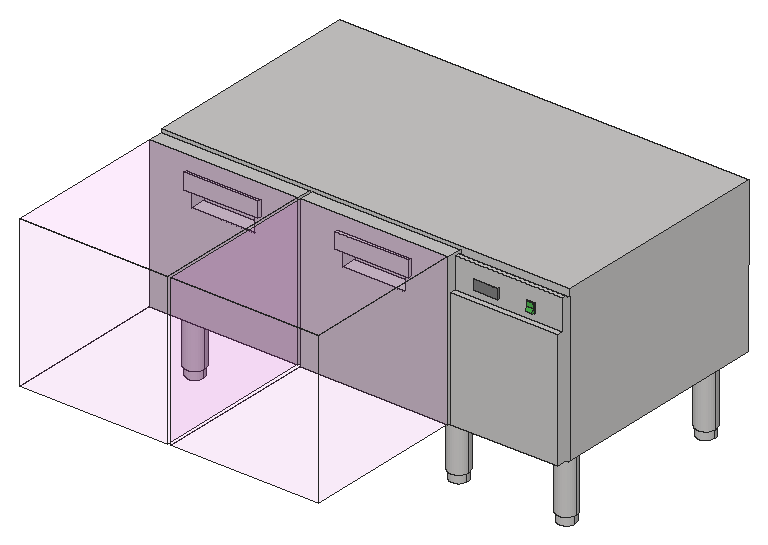
Revit family "QF_ELECTROLUXPROFESSIONAL_371290_E7TTAECOMIN", category Specialty Equipment, Revit 2018 (continued)
Lines and regions (mm)
  Split face 148
    outline origin (788.396, -348, 142.29) x (0, 0, -1) y (1, 0, 0)
      loop
        line (-116.984, -242.399) -> (-85.025, -242.399)
  Split face 149
    outline origin (800.396, -348, 142.29) x (0, 0, -1) y (1, 0, 0)
      loop
        arc (-85.025, -242.399) -> (-81.004, -238.41) -> (-85.004, -234.4) r 4
        line (-85.004, -234.4) -> (-117.004, -234.4)
        arc (-117.004, -234.4) -> (-121.004, -238.41) -> (-116.984, -242.399) r 4
        line (-116.984, -242.399) -> (-85.025, -242.399)
  Split face 150
    outline origin (812.396, -348, 142.29) x (0, 0, -1) y (1, 0, 0)
      loop
        arc (-85.025, -242.399) -> (-81.004, -238.41) -> (-85.004, -234.4) r 4
        line (-85.004, -234.4) -> (-117.004, -234.4)
        arc (-117.004, -234.4) -> (-121.004, -238.41) -> (-116.984, -242.399) r 4
        line (-116.984, -242.399) -> (-85.025, -242.399)
  Split face 151
    outline origin (589.5, -348, 142.29) x (0, 0, -1) y (1, 0, 0)
      loop
        arc (-85.025, -282.599) -> (-81.004, -278.61) -> (-85.004, -274.599) r 4
        line (-85.004, -274.599) -> (-117.004, -274.599)
        arc (-117.004, -274.599) -> (-121.004, -278.61) -> (-116.984, -282.599) r 4
        line (-116.984, -282.599) -> (-85.025, -282.599)
  Split face 152
    outline origin (709.396, -348, 412.291) x (0, 0, -1) y (1, 0, 0)
      loop
        arc (-85.025, -282.599) -> (-81.004, -278.61) -> (-85.004, -274.599) r 4
        line (-85.004, -274.599) -> (-117.004, -274.599)
        arc (-117.004, -274.599) -> (-121.004, -278.61) -> (-116.984, -282.599) r 4
        line (-116.984, -282.599) -> (-85.025, -282.599)
  Split face 153
    outline origin (721.397, -348, 412.291) x (0, 0, -1) y (1, 0, 0)
      loop
        arc (-85.025, -282.599) -> (-81.004, -278.61) -> (-85.004, -274.599) r 4
        line (-85.004, -274.599) -> (-117.004, -274.599)
        arc (-117.004, -274.599) -> (-121.004, -278.61) -> (-116.984, -282.599) r 4
        line (-116.984, -282.599) -> (-85.025, -282.599)
  Split face 154
    outline origin (733.396, -348, 412.291) x (0, 0, -1) y (1, 0, 0)
      loop
        arc (-85.025, -282.599) -> (-81.004, -278.61) -> (-85.004, -274.599) r 4
        line (-85.004, -274.599) -> (-117.004, -274.599)
        arc (-117.004, -274.599) -> (-121.004, -278.61) -> (-116.984, -282.599) r 4
        line (-116.984, -282.599) -> (-85.025, -282.599)
  Split face 155
    outline origin (709.396, -348, 367.29) x (0, 0, -1) y (1, 0, 0)
      loop
        arc (-85.025, -282.599) -> (-81.004, -278.61) -> (-85.004, -274.599) r 4
        line (-85.004, -274.599) -> (-117.004, -274.599)
        arc (-117.004, -274.599) -> (-121.004, -278.61) -> (-116.984, -282.599) r 4
        line (-116.984, -282.599) -> (-85.025, -282.599)
  Split face 156
    outline origin (721.397, -348, 367.29) x (0, 0, -1) y (1, 0, 0)
      loop
        arc (-85.025, -282.599) -> (-81.004, -278.61) -> (-85.004, -274.599) r 4
        line (-85.004, -274.599) -> (-117.004, -274.599)
        arc (-117.004, -274.599) -> (-121.004, -278.61) -> (-116.984, -282.599) r 4
        line (-116.984, -282.599) -> (-85.025, -282.599)
  Split face 157
    outline origin (733.396, -348, 367.29) x (0, 0, -1) y (1, 0, 0)
      loop
        arc (-85.025, -282.599) -> (-81.004, -278.61) -> (-85.004, -274.599) r 4
        line (-85.004, -274.599) -> (-117.004, -274.599)
        arc (-117.004, -274.599) -> (-121.004, -278.61) -> (-116.984, -282.599) r 4
        line (-116.984, -282.599) -> (-85.025, -282.599)
  Split face 158
    outline origin (709.396, -348, 322.29) x (0, 0, -1) y (1, 0, 0)
      loop
        arc (-85.025, -282.599) -> (-81.004, -278.61) -> (-85.004, -274.599) r 4
        line (-85.004, -274.599) -> (-117.004, -274.599)
        arc (-117.004, -274.599) -> (-121.004, -278.61) -> (-116.984, -282.599) r 4
        line (-116.984, -282.599) -> (-85.025, -282.599)
  Split face 159
    outline origin (721.397, -348, 322.29) x (0, 0, -1) y (1, 0, 0)
      loop
        arc (-85.025, -282.599) -> (-81.004, -278.61) -> (-85.004, -274.599) r 4
        line (-85.004, -274.599) -> (-117.004, -274.599)
        arc (-117.004, -274.599) -> (-121.004, -278.61) -> (-116.984, -282.599) r 4
        line (-116.984, -282.599) -> (-85.025, -282.599)
  Split face 160
    outline origin (733.396, -348, 322.29) x (0, 0, -1) y (1, 0, 0)
      loop
        arc (-85.025, -282.599) -> (-81.004, -278.61) -> (-85.004, -274.599) r 4
        line (-85.004, -274.599) -> (-117.004, -274.599)
        arc (-117.004, -274.599) -> (-121.004, -278.61) -> (-116.984, -282.599) r 4
        line (-116.984, -282.599) -> (-85.025, -282.599)
  Split face 161
    outline origin (709.396, -348, 277.29) x (0, 0, -1) y (1, 0, 0)
      loop
        arc (-85.025, -282.599) -> (-81.004, -278.61) -> (-85.004, -274.599) r 4
        line (-85.004, -274.599) -> (-117.004, -274.599)
        arc (-117.004, -274.599) -> (-121.004, -278.61) -> (-116.984, -282.599) r 4
        line (-116.984, -282.599) -> (-85.025, -282.599)
  Split face 162
    outline origin (721.397, -348, 277.29) x (0, 0, -1) y (1, 0, 0)
      loop
        arc (-85.025, -282.599) -> (-81.004, -278.61) -> (-85.004, -274.599) r 4
        line (-85.004, -274.599) -> (-117.004, -274.599)
        arc (-117.004, -274.599) -> (-121.004, -278.61) -> (-116.984, -282.599) r 4
        line (-116.984, -282.599) -> (-85.025, -282.599)
  Split face 163
    outline origin (733.396, -348, 277.29) x (0, 0, -1) y (1, 0, 0)
      loop
        arc (-85.025, -282.599) -> (-81.004, -278.61) -> (-85.004, -274.599) r 4
        line (-85.004, -274.599) -> (-117.004, -274.599)
        arc (-117.004, -274.599) -> (-121.004, -278.61) -> (-116.984, -282.599) r 4
        line (-116.984, -282.599) -> (-85.025, -282.599)
  Split face 164
    outline origin (709.396, -348, 232.29) x (0, 0, -1) y (1, 0, 0)
      loop
        arc (-85.025, -282.599) -> (-81.004, -278.61) -> (-85.004, -274.599) r 4
        line (-85.004, -274.599) -> (-117.004, -274.599)
        arc (-117.004, -274.599) -> (-121.004, -278.61) -> (-116.984, -282.599) r 4
        line (-116.984, -282.599) -> (-85.025, -282.599)
  Split face 165
    outline origin (721.397, -348, 232.29) x (0, 0, -1) y (1, 0, 0)
      loop
        arc (-85.025, -282.599) -> (-81.004, -278.61) -> (-85.004, -274.599) r 4
        line (-85.004, -274.599) -> (-117.004, -274.599)
        arc (-117.004, -274.599) -> (-121.004, -278.61) -> (-116.984, -282.599) r 4
        line (-116.984, -282.599) -> (-85.025, -282.599)
  Split face 166
    outline origin (733.396, -348, 232.29) x (0, 0, -1) y (1, 0, 0)
      loop
        arc (-85.025, -282.599) -> (-81.004, -278.61) -> (-85.004, -274.599) r 4
        line (-85.004, -274.599) -> (-117.004, -274.599)
        arc (-117.004, -274.599) -> (-121.004, -278.61) -> (-116.984, -282.599) r 4
        line (-116.984, -282.599) -> (-85.025, -282.599)
  Split face 167
    outline origin (709.396, -348, 187.29) x (0, 0, -1) y (1, 0, 0)
      loop
        arc (-85.025, -282.599) -> (-81.004, -278.61) -> (-85.004, -274.599) r 4
        line (-85.004, -274.599) -> (-117.004, -274.599)
        arc (-117.004, -274.599) -> (-121.004, -278.61) -> (-116.984, -282.599) r 4
        line (-116.984, -282.599) -> (-85.025, -282.599)
  Split face 168
    outline origin (721.397, -348, 187.29) x (0, 0, -1) y (1, 0, 0)
      loop
        arc (-85.025, -282.599) -> (-81.004, -278.61) -> (-85.004, -274.599) r 4
        line (-85.004, -274.599) -> (-117.004, -274.599)
        arc (-117.004, -274.599) -> (-121.004, -278.61) -> (-116.984, -282.599) r 4
        line (-116.984, -282.599) -> (-85.025, -282.599)
  Split face 169
    outline origin (733.396, -348, 187.29) x (0, 0, -1) y (1, 0, 0)
      loop
        arc (-85.025, -282.599) -> (-81.004, -278.61) -> (-85.004, -274.599) r 4
        line (-85.004, -274.599) -> (-117.004, -274.599)
        arc (-117.004, -274.599) -> (-121.004, -278.61) -> (-116.984, -282.599) r 4
        line (-116.984, -282.599) -> (-85.025, -282.599)
  Split face 170
    outline origin (709.396, -348, 142.29) x (0, 0, -1) y (1, 0, 0)
      loop
        arc (-85.025, -282.599) -> (-81.004, -278.61) -> (-85.004, -274.599) r 4
        line (-85.004, -274.599) -> (-117.004, -274.599)
        arc (-117.004, -274.599) -> (-121.004, -278.61) -> (-116.984, -282.599) r 4
        line (-116.984, -282.599) -> (-85.025, -282.599)
  Split face 171
    outline origin (721.397, -348, 142.29) x (0, 0, -1) y (1, 0, 0)
      loop
        arc (-85.025, -282.599) -> (-81.004, -278.61) -> (-85.004, -274.599) r 4
        line (-85.004, -274.599) -> (-117.004, -274.599)
        arc (-117.004, -274.599) -> (-121.004, -278.61) -> (-116.984, -282.599) r 4
        line (-116.984, -282.599) -> (-85.025, -282.599)
  Split face 172
    outline origin (733.396, -348, 142.29) x (0, 0, -1) y (1, 0, 0)
      loop
        arc (-85.025, -282.599) -> (-81.004, -278.61) -> (-85.004, -274.599) r 4
        line (-85.004, -274.599) -> (-117.004, -274.599)
        arc (-117.004, -274.599) -> (-121.004, -278.61) -> (-116.984, -282.599) r 4
        line (-116.984, -282.599) -> (-85.025, -282.599)
  symbolic lines, style "SpecialityEquipmentHiddenLines"
    curve 1: line (-599, 350, 0) -> (599, 350, 0)
    curve 2: line (-599, -348, 0) -> (-599, 350, 0)
    curve 3: line (599, -348, 0) -> (-599, -348, 0)
    curve 4: line (599, 350, 0) -> (599, -348, 0)
    curve 17: line (-599, -303, 0) -> (599, -303, 0)
  symbolic lines, style "QF_Door-Drawer Clearances"
    curve 5: line (-579, -348, 0) -> (-579, -473, 0)
    curve 6: line (-184.999, -473, 0) -> (-184.999, -348, 0)
    curve 7: line (-136.499, -348, 0) -> (-136.499, -473, 0)
    curve 8: line (257.502, -473, 0) -> (257.502, -348, 0)
    curve 9: line (-599, -473, 0) -> (-164.999, -473, 0)
    curve 10: line (-156.499, -473, 0) -> (277.502, -473, 0)
    curve 11: line (-599, -513, 0) -> (-164.999, -513, 0)
    curve 12: line (-156.499, -513, 0) -> (277.502, -513, 0)
    curve 13: line (-164.999, -513, 0) -> (-164.999, -473, 0)
    curve 14: line (-156.499, -473, 0) -> (-156.499, -513, 0)
    curve 15: line (-599, -473, 0) -> (-599, -513, 0)
    curve 16: line (277.502, -513, 0) -> (277.502, -473, 0)
Dimensions and locks
  plane 4 to level = 200 mm
  plane 5 "TOP" to level = 650 mm
  plane 5 "TOP" to plane 4 = 450 mm
  equal spacing: plane 8 "LEFT", plane 3 "Centro (Sinistra/Destra)", plane 9 "RIGHT"
  plane 8 "LEFT" to plane 9 "RIGHT" = 1200 mm
  equal spacing: plane 6 "BACK", plane 1 "Center X", plane 7 "FRONT"
  plane 6 "BACK" to plane 7 "FRONT" = 700 mm
  locked: plane 6 "BACK" to plane 10 at 653
  locked: plane 10 to plane 11 at 45
  locked: plane 8 "LEFT" to plane 12 at 55
  locked: plane 13 to plane 9 "RIGHT" at 55
  locked: plane 12 to plane 14 at 774
  locked: plane 6 "BACK" to plane 15 at 88
  locked: plane 16 to plane 11 at 99
  locked: plane 19 to plane 9 "RIGHT" at 1
  locked: plane 8 "LEFT" to plane 18 at 1
  plane 19 to plane 17 = 313 mm
  locked: plane 6 "BACK" to plane 20 at 160
  plane 21 to plane 9 "RIGHT" = 40 mm
  aligned and locked: level to plane 2
  aligned and locked: plane 12 to nested 1
  aligned and locked: nested 1 to plane 16
  aligned and locked: nested 2 to plane 15
  aligned and locked: plane 14 to nested 3
  aligned and locked: nested 4 to plane 14
  aligned and locked: plane 13 to nested 5
  aligned and locked: nested 6 to plane 13
  aligned and locked: Extrusion 1 sketch curve to plane 6 "BACK"
  aligned and locked: plane 10 to Extrusion 1 sketch curve
  aligned and locked: Extrusion 2 to plane 11
  aligned and locked: Extrusion 10 to plane 11
  aligned and locked: plane 19 to Extrusion 1
  aligned and locked: plane 4 to Extrusion 12
Automatic sketch dimensions
  Extrusion 2 sketch curve to plane 18 = 0 mm
  plane 12 to Extrusion 2 sketch curve = 69.7 mm
  Extrusion 2 sketch curve to Extrusion 2 sketch curve = 186.601 mm
  Extrusion 2 sketch curve to plane 5 "TOP" = 9.006 mm
  Extrusion 2 sketch curve to Extrusion 2 sketch curve = 123.7 mm
  Extrusion 2 sketch curve to plane 5 "TOP" = 65 mm
  Extrusion 2 sketch curve to Extrusion 2 sketch curve = 78.294 mm
  plane 4 to Extrusion 2 sketch curve = 1.587 mm
  Extrusion 2 to Extrusion 3 sketch curve = 0 mm
  Extrusion 3 sketch curve to Extrusion 2 = 0 mm  (x3)
  Extrusion 4 sketch curve to plane 4 = 0 mm
  Extrusion 4 sketch curve to plane 10 = 0 mm
  Extrusion 4 sketch curve to plane 10 = 5.442 mm
  plane 4 to Extrusion 4 sketch curve = 4.796 mm
  Extrusion 4 sketch curve to Extrusion 4 sketch curve = 9.721 mm
  Extrusion 4 sketch curve to plane 10 = 16.763 mm
  Extrusion 4 sketch curve to Extrusion 4 sketch curve = 11.336 mm
  plane 11 to Extrusion 4 sketch curve = 0 mm
  Extrusion 4 sketch curve to plane 5 "TOP" = 100.204 mm
  Extrusion 4 sketch curve to plane 5 "TOP" = 20.473 mm
  Extrusion 4 sketch curve to plane 5 "TOP" = 9.006 mm
  Extrusion 4 to Extrusion 5 sketch curve = 42.198 mm
  Extrusion 5 sketch curve to Extrusion 4 = 20 mm
  Extrusion 4 to Extrusion 5 sketch curve = 102.899 mm
  Extrusion 5 sketch curve to Extrusion 5 sketch curve = 22 mm
  Extrusion 4 to Extrusion 6 sketch curve = 42.198 mm
  Extrusion 6 sketch curve to Extrusion 4 = 20 mm
  Extrusion 4 to Extrusion 6 sketch curve = 54.901 mm
  Extrusion 6 sketch curve to Extrusion 6 sketch curve = 70 mm
  Split face 1 sketch curve to Extrusion 6 = 5 mm
  Split face 1 sketch curve to Extrusion 6 = 9 mm
  Split face 1 sketch curve to Extrusion 6 = 10 mm  (x2)
  Split face 2 sketch curve to Extrusion 6 = 12.5 mm
  Split face 2 sketch curve to Extrusion 6 = 7 mm
  Split face 3 sketch curve to Extrusion 6 = 7.5 mm
  Split face 3 sketch curve to Extrusion 6 = 7 mm
  Split face 4 sketch curve to Extrusion 6 = 11.5 mm
  Split face 4 sketch curve to Extrusion 6 = 7 mm
  Split face 5 sketch curve to Extrusion 6 = 7.5 mm
  Split face 5 sketch curve to Extrusion 6 = 7 mm
  Split face 6 sketch curve to Extrusion 6 = 12.5 mm
  Split face 6 sketch curve to Extrusion 6 = 7 mm
  Split face 7 sketch curve to Extrusion 6 = 11.5 mm
  Split face 7 sketch curve to Extrusion 6 = 7 mm
  Split face 8 sketch curve to Extrusion 6 = 7.047 mm
  Split face 8 sketch curve to Extrusion 6 = 2.047 mm
  Split face 8 sketch curve to Extrusion 6 = 10 mm
  Split face 8 sketch curve to Split face 8 sketch curve = 11 mm
  Split face 9 sketch curve to Extrusion 6 = 7.047 mm
  Split face 9 sketch curve to Extrusion 6 = 2.047 mm
  Split face 9 sketch curve to Extrusion 6 = 23 mm
  Split face 9 sketch curve to Split face 9 sketch curve = 11 mm
  Split face 10 sketch curve to Extrusion 6 = 7.047 mm
  Split face 10 sketch curve to Extrusion 6 = 2.047 mm
  Split face 10 sketch curve to Extrusion 6 = 34 mm
  Split face 10 sketch curve to Split face 10 sketch curve = 11 mm
  Split face 11 sketch curve to Extrusion 6 = 7.047 mm
  Split face 11 sketch curve to Extrusion 6 = 2.047 mm
  Split face 11 sketch curve to Extrusion 6 = 21 mm
  Split face 11 sketch curve to Extrusion 6 = 10 mm
  Extrusion 7 sketch curve to Extrusion 7 sketch curve = 0 mm  (x3)
  Extrusion 7 sketch curve to Extrusion 5 = 0 mm
  Extrusion 5 to Extrusion 7 sketch curve = 2.279 mm
  Extrusion 7 sketch curve to Extrusion 7 sketch curve = 0.116 mm
  Extrusion 7 sketch curve to Extrusion 7 sketch curve = 12.105 mm
  Extrusion 5 to Extrusion 7 sketch curve = 3.692 mm
  Extrusion 5 to Extrusion 7 sketch curve = 2.395 mm
  Split face 12 sketch curve to Extrusion 4 = 20.5 mm
  Split face 12 sketch curve to Split face 12 sketch curve = 0.02 mm  (x2)
  Split face 12 sketch curve to Split face 12 sketch curve = 31.959 mm
  Split face 12 sketch curve to Extrusion 4 = 32.901 mm
  Split face 12 sketch curve to Split face 12 sketch curve = 4 mm
  Split face 13 sketch curve to Extrusion 4 = 20.5 mm
  Split face 13 sketch curve to Split face 13 sketch curve = 0.02 mm  (x2)
  Split face 13 sketch curve to Split face 13 sketch curve = 31.959 mm
  Split face 13 sketch curve to Extrusion 4 = 44.9 mm
  Split face 13 sketch curve to Split face 13 sketch curve = 4 mm
  Split face 14 sketch curve to Extrusion 4 = 20.5 mm
  Split face 14 sketch curve to Split face 14 sketch curve = 0.02 mm  (x2)
  Split face 14 sketch curve to Split face 14 sketch curve = 31.959 mm
  Split face 14 sketch curve to Extrusion 4 = 56.9 mm
  Split face 14 sketch curve to Split face 14 sketch curve = 4 mm
  Split face 15 sketch curve to Extrusion 4 = 20.5 mm
  Split face 15 sketch curve to Split face 15 sketch curve = 0.02 mm  (x2)
  Split face 15 sketch curve to Split face 15 sketch curve = 31.959 mm
  Split face 15 sketch curve to Extrusion 4 = 68.797 mm
  Split face 15 sketch curve to Split face 15 sketch curve = 4 mm
  Split face 16 sketch curve to Extrusion 4 = 20.5 mm
  Split face 16 sketch curve to Split face 16 sketch curve = 0.02 mm  (x2)
  Split face 16 sketch curve to Split face 16 sketch curve = 31.959 mm
  Split face 16 sketch curve to Extrusion 4 = 80.797 mm
  Split face 16 sketch curve to Split face 16 sketch curve = 4 mm
  Split face 17 sketch curve to Extrusion 4 = 20.5 mm
  Split face 17 sketch curve to Split face 17 sketch curve = 0.02 mm  (x2)
  Split face 17 sketch curve to Split face 17 sketch curve = 31.959 mm
  Split face 17 sketch curve to Extrusion 4 = 92.797 mm
  Split face 17 sketch curve to Split face 17 sketch curve = 4 mm
  Split face 18 sketch curve to Extrusion 4 = 20.5 mm
  Split face 18 sketch curve to Split face 18 sketch curve = 0.02 mm  (x2)
  Split face 18 sketch curve to Split face 18 sketch curve = 31.959 mm
  Split face 18 sketch curve to Extrusion 4 = 104.797 mm
  Split face 18 sketch curve to Split face 18 sketch curve = 4 mm
  Split face 19 sketch curve to Extrusion 4 = 20.5 mm
  Split face 19 sketch curve to Split face 19 sketch curve = 0.02 mm  (x2)
  Split face 19 sketch curve to Split face 19 sketch curve = 31.959 mm
  Split face 19 sketch curve to Extrusion 4 = 116.797 mm
  Split face 19 sketch curve to Split face 19 sketch curve = 4 mm
  Split face 20 sketch curve to Extrusion 4 = 20.5 mm
  Split face 20 sketch curve to Split face 20 sketch curve = 0.02 mm  (x2)
  Split face 20 sketch curve to Split face 20 sketch curve = 31.959 mm
  Split face 20 sketch curve to Extrusion 4 = 128.797 mm
  Split face 20 sketch curve to Split face 20 sketch curve = 4 mm
  Split face 21 sketch curve to Extrusion 4 = 20.5 mm
  Split face 21 sketch curve to Split face 21 sketch curve = 0.02 mm  (x2)
  Split face 21 sketch curve to Split face 21 sketch curve = 31.959 mm
  Split face 21 sketch curve to Extrusion 4 = 137.003 mm
  Split face 21 sketch curve to Split face 21 sketch curve = 4 mm
  Split face 22 sketch curve to Extrusion 4 = 20.5 mm
  Split face 22 sketch curve to Split face 22 sketch curve = 0.02 mm  (x2)
  Split face 22 sketch curve to Split face 22 sketch curve = 31.959 mm
  Split face 22 sketch curve to Extrusion 4 = 125.004 mm
  Split face 22 sketch curve to Split face 22 sketch curve = 4 mm
  Split face 23 sketch curve to Extrusion 4 = 20.5 mm
  Split face 23 sketch curve to Split face 23 sketch curve = 0.02 mm  (x2)
  Split face 23 sketch curve to Split face 23 sketch curve = 31.959 mm
  Split face 23 sketch curve to Extrusion 4 = 113.003 mm
  Split face 23 sketch curve to Split face 23 sketch curve = 4 mm
  Split face 24 sketch curve to Extrusion 4 = 20.5 mm
  Split face 24 sketch curve to Split face 24 sketch curve = 0.02 mm  (x2)
  Split face 24 sketch curve to Split face 24 sketch curve = 31.959 mm
  Split face 24 sketch curve to Extrusion 4 = 101.003 mm
  Split face 24 sketch curve to Split face 24 sketch curve = 4 mm
  Split face 25 sketch curve to Extrusion 4 = 20.5 mm
  Split face 25 sketch curve to Split face 25 sketch curve = 0.02 mm  (x2)
  Split face 25 sketch curve to Split face 25 sketch curve = 31.959 mm
  Split face 25 sketch curve to Extrusion 4 = 89.003 mm
  Split face 25 sketch curve to Split face 25 sketch curve = 4 mm
  Split face 26 sketch curve to Extrusion 4 = 20.5 mm
  Split face 26 sketch curve to Split face 26 sketch curve = 0.02 mm  (x2)
  Split face 26 sketch curve to Split face 26 sketch curve = 31.959 mm
  Split face 26 sketch curve to Extrusion 4 = 77.004 mm
  Split face 26 sketch curve to Split face 26 sketch curve = 4 mm
  Split face 27 sketch curve to Extrusion 4 = 20.5 mm
  Split face 27 sketch curve to Split face 27 sketch curve = 0.02 mm  (x2)
  Split face 27 sketch curve to Split face 27 sketch curve = 31.959 mm
  Split face 27 sketch curve to Extrusion 4 = 65.003 mm
  Split face 27 sketch curve to Split face 27 sketch curve = 4 mm
  Split face 28 sketch curve to Extrusion 4 = 20.5 mm
  Split face 28 sketch curve to Split face 28 sketch curve = 0.02 mm  (x2)
  Split face 28 sketch curve to Split face 28 sketch curve = 31.959 mm
  Split face 28 sketch curve to Extrusion 4 = 53.004 mm
  Split face 28 sketch curve to Split face 28 sketch curve = 4 mm
  Split face 29 sketch curve to Extrusion 4 = 20.5 mm
  Split face 29 sketch curve to Split face 29 sketch curve = 0.02 mm  (x2)
  Split face 29 sketch curve to Split face 29 sketch curve = 31.959 mm
  Split face 29 sketch curve to Extrusion 4 = 41.004 mm
  Split face 29 sketch curve to Split face 29 sketch curve = 4 mm
  Split face 30 sketch curve to Extrusion 4 = 20.5 mm
  Split face 30 sketch curve to Split face 30 sketch curve = 0.02 mm  (x2)
  Split face 30 sketch curve to Split face 30 sketch curve = 31.959 mm
  Split face 30 sketch curve to Extrusion 4 = 29.004 mm
  Split face 30 sketch curve to Split face 30 sketch curve = 4 mm
  Split face 31 sketch curve to Extrusion 4 = 20.5 mm
  Split face 31 sketch curve to Split face 31 sketch curve = 0.02 mm  (x2)
  Split face 31 sketch curve to Split face 31 sketch curve = 31.959 mm
  Split face 31 sketch curve to Extrusion 4 = 20.901 mm
  Split face 31 sketch curve to Split face 31 sketch curve = 4 mm
  Split face 32 sketch curve to Extrusion 4 = 65.502 mm
  Split face 32 sketch curve to Split face 32 sketch curve = 0.02 mm  (x2)
  Split face 32 sketch curve to Split face 32 sketch curve = 31.959 mm
  Split face 32 sketch curve to Extrusion 4 = 32.901 mm
  Split face 32 sketch curve to Split face 32 sketch curve = 4 mm
  Split face 33 sketch curve to Extrusion 4 = 65.502 mm
  Split face 33 sketch curve to Split face 33 sketch curve = 0.02 mm  (x2)
  Split face 33 sketch curve to Split face 33 sketch curve = 31.959 mm
  Split face 33 sketch curve to Extrusion 4 = 44.9 mm
  Split face 33 sketch curve to Split face 33 sketch curve = 4 mm
  Split face 34 sketch curve to Extrusion 4 = 65.502 mm
  Split face 34 sketch curve to Split face 34 sketch curve = 0.02 mm  (x2)
  Split face 34 sketch curve to Split face 34 sketch curve = 31.959 mm
  Split face 34 sketch curve to Extrusion 4 = 56.9 mm
  Split face 34 sketch curve to Split face 34 sketch curve = 4 mm
  Split face 35 sketch curve to Extrusion 4 = 65.502 mm
  Split face 35 sketch curve to Split face 35 sketch curve = 0.02 mm  (x2)
  Split face 35 sketch curve to Split face 35 sketch curve = 31.959 mm
  Split face 35 sketch curve to Extrusion 4 = 68.797 mm
  Split face 35 sketch curve to Split face 35 sketch curve = 4 mm
  Split face 36 sketch curve to Extrusion 4 = 65.502 mm
  Split face 36 sketch curve to Split face 36 sketch curve = 0.02 mm  (x2)
  Split face 36 sketch curve to Split face 36 sketch curve = 31.959 mm
  Split face 36 sketch curve to Extrusion 4 = 80.797 mm
  Split face 36 sketch curve to Split face 36 sketch curve = 4 mm
  Split face 37 sketch curve to Extrusion 4 = 65.502 mm
  Split face 37 sketch curve to Split face 37 sketch curve = 0.02 mm  (x2)
  Split face 37 sketch curve to Split face 37 sketch curve = 31.959 mm
  Split face 37 sketch curve to Extrusion 4 = 92.797 mm
  Split face 37 sketch curve to Split face 37 sketch curve = 4 mm
  Split face 38 sketch curve to Extrusion 4 = 65.502 mm
  Split face 38 sketch curve to Split face 38 sketch curve = 0.02 mm  (x2)
  Split face 38 sketch curve to Split face 38 sketch curve = 31.959 mm
  Split face 38 sketch curve to Extrusion 4 = 104.797 mm
  Split face 38 sketch curve to Split face 38 sketch curve = 4 mm
  Split face 39 sketch curve to Extrusion 4 = 65.502 mm
  Split face 39 sketch curve to Split face 39 sketch curve = 0.02 mm  (x2)
  Split face 39 sketch curve to Split face 39 sketch curve = 31.959 mm
  Split face 39 sketch curve to Extrusion 4 = 116.797 mm
  Split face 39 sketch curve to Split face 39 sketch curve = 4 mm
  Split face 40 sketch curve to Extrusion 4 = 65.502 mm
  Split face 40 sketch curve to Split face 40 sketch curve = 0.02 mm  (x2)
  Split face 40 sketch curve to Split face 40 sketch curve = 31.959 mm
  Split face 40 sketch curve to Extrusion 4 = 128.797 mm
  Split face 40 sketch curve to Split face 40 sketch curve = 4 mm
  Split face 41 sketch curve to Extrusion 4 = 65.502 mm
  Split face 41 sketch curve to Split face 41 sketch curve = 0.02 mm  (x2)
  Split face 41 sketch curve to Split face 41 sketch curve = 31.959 mm
  Split face 41 sketch curve to Extrusion 4 = 137.003 mm
  Split face 41 sketch curve to Split face 41 sketch curve = 4 mm
  Split face 42 sketch curve to Extrusion 4 = 65.502 mm
  Split face 42 sketch curve to Split face 42 sketch curve = 0.02 mm  (x2)
  Split face 42 sketch curve to Split face 42 sketch curve = 31.959 mm
  Split face 42 sketch curve to Extrusion 4 = 125.004 mm
  Split face 42 sketch curve to Split face 42 sketch curve = 4 mm
  Split face 43 sketch curve to Extrusion 4 = 65.502 mm
  Split face 43 sketch curve to Split face 43 sketch curve = 0.02 mm  (x2)
  Split face 43 sketch curve to Split face 43 sketch curve = 31.959 mm
  Split face 43 sketch curve to Extrusion 4 = 113.003 mm
  Split face 43 sketch curve to Split face 43 sketch curve = 4 mm
  Split face 44 sketch curve to Extrusion 4 = 65.502 mm
  Split face 44 sketch curve to Split face 44 sketch curve = 0.02 mm  (x2)
  Split face 44 sketch curve to Split face 44 sketch curve = 31.959 mm
  Split face 44 sketch curve to Extrusion 4 = 101.003 mm
  Split face 44 sketch curve to Split face 44 sketch curve = 4 mm
  Split face 45 sketch curve to Extrusion 4 = 65.502 mm
  Split face 45 sketch curve to Split face 45 sketch curve = 0.02 mm  (x2)
  Split face 45 sketch curve to Split face 45 sketch curve = 31.959 mm
  Split face 45 sketch curve to Extrusion 4 = 89.003 mm
  Split face 45 sketch curve to Split face 45 sketch curve = 4 mm
  Split face 46 sketch curve to Extrusion 4 = 65.502 mm
  Split face 46 sketch curve to Split face 46 sketch curve = 0.02 mm  (x2)
  Split face 46 sketch curve to Split face 46 sketch curve = 31.959 mm
  Split face 46 sketch curve to Extrusion 4 = 77.004 mm
  Split face 46 sketch curve to Split face 46 sketch curve = 4 mm
  Split face 47 sketch curve to Extrusion 4 = 65.502 mm
  Split face 47 sketch curve to Split face 47 sketch curve = 0.02 mm  (x2)
  Split face 47 sketch curve to Split face 47 sketch curve = 31.959 mm
  Split face 47 sketch curve to Extrusion 4 = 65.003 mm
  Split face 47 sketch curve to Split face 47 sketch curve = 4 mm
  Split face 48 sketch curve to Extrusion 4 = 65.502 mm
  Split face 48 sketch curve to Split face 48 sketch curve = 0.02 mm  (x2)
  Split face 48 sketch curve to Split face 48 sketch curve = 31.959 mm
  Split face 48 sketch curve to Extrusion 4 = 53.004 mm
  Split face 48 sketch curve to Split face 48 sketch curve = 4 mm
  Split face 49 sketch curve to Extrusion 4 = 65.502 mm
  Split face 49 sketch curve to Split face 49 sketch curve = 0.02 mm  (x2)
  Split face 49 sketch curve to Split face 49 sketch curve = 31.959 mm
  Split face 49 sketch curve to Extrusion 4 = 41.004 mm
  Split face 49 sketch curve to Split face 49 sketch curve = 4 mm
  Split face 50 sketch curve to Extrusion 4 = 25.004 mm
  Split face 50 sketch curve to Extrusion 4 = 65.502 mm
  Split face 50 sketch curve to Split face 50 sketch curve = 0.02 mm  (x2)
  Split face 50 sketch curve to Split face 50 sketch curve = 31.959 mm
  Split face 50 sketch curve to Split face 50 sketch curve = 4 mm
  Split face 51 sketch curve to Extrusion 4 = 24.901 mm
  Split face 51 sketch curve to Extrusion 4 = 65.502 mm
  Split face 51 sketch curve to Split face 51 sketch curve = 0.02 mm  (x2)
  Split face 51 sketch curve to Split face 51 sketch curve = 31.959 mm
  Split face 51 sketch curve to Split face 51 sketch curve = 4 mm
  Split face 52 sketch curve to Extrusion 4 = 36.901 mm
  Split face 52 sketch curve to Extrusion 4 = 110.502 mm
  Split face 52 sketch curve to Split face 52 sketch curve = 0.02 mm  (x2)
  Split face 52 sketch curve to Split face 52 sketch curve = 31.959 mm
  Split face 52 sketch curve to Split face 52 sketch curve = 4 mm
  Split face 53 sketch curve to Extrusion 4 = 48.9 mm
  Split face 53 sketch curve to Extrusion 4 = 110.502 mm
  Split face 53 sketch curve to Split face 53 sketch curve = 0.02 mm  (x2)
  Split face 53 sketch curve to Split face 53 sketch curve = 31.959 mm
  Split face 53 sketch curve to Split face 53 sketch curve = 4 mm
  Split face 54 sketch curve to Extrusion 4 = 110.502 mm
  Split face 54 sketch curve to Split face 54 sketch curve = 0.02 mm  (x2)
  Split face 54 sketch curve to Split face 54 sketch curve = 31.959 mm
  Split face 54 sketch curve to Extrusion 4 = 56.9 mm
  Split face 54 sketch curve to Split face 54 sketch curve = 4 mm
  Split face 55 sketch curve to Extrusion 4 = 110.502 mm
  Split face 55 sketch curve to Split face 55 sketch curve = 0.02 mm  (x2)
  Split face 55 sketch curve to Split face 55 sketch curve = 31.959 mm
  Split face 55 sketch curve to Extrusion 4 = 68.797 mm
  Split face 55 sketch curve to Split face 55 sketch curve = 4 mm
  Split face 56 sketch curve to Extrusion 4 = 110.502 mm
  Split face 56 sketch curve to Split face 56 sketch curve = 0.02 mm  (x2)
  Split face 56 sketch curve to Split face 56 sketch curve = 31.959 mm
  Split face 56 sketch curve to Extrusion 4 = 80.797 mm
  Split face 56 sketch curve to Split face 56 sketch curve = 4 mm
  Split face 57 sketch curve to Extrusion 4 = 110.502 mm
  Split face 57 sketch curve to Split face 57 sketch curve = 0.02 mm  (x2)
  Split face 57 sketch curve to Split face 57 sketch curve = 31.959 mm
  Split face 57 sketch curve to Extrusion 4 = 92.797 mm
  Split face 57 sketch curve to Split face 57 sketch curve = 4 mm
  Split face 58 sketch curve to Extrusion 4 = 110.502 mm
  Split face 58 sketch curve to Split face 58 sketch curve = 0.02 mm  (x2)
  Split face 58 sketch curve to Split face 58 sketch curve = 31.959 mm
  Split face 58 sketch curve to Extrusion 4 = 104.797 mm
  Split face 58 sketch curve to Split face 58 sketch curve = 4 mm
  Split face 59 sketch curve to Extrusion 4 = 110.502 mm
  Split face 59 sketch curve to Split face 59 sketch curve = 0.02 mm  (x2)
  Split face 59 sketch curve to Split face 59 sketch curve = 31.959 mm
  Split face 59 sketch curve to Extrusion 4 = 116.797 mm
  Split face 59 sketch curve to Split face 59 sketch curve = 4 mm
  Split face 60 sketch curve to Extrusion 4 = 110.502 mm
  Split face 60 sketch curve to Split face 60 sketch curve = 0.02 mm  (x2)
  Split face 60 sketch curve to Split face 60 sketch curve = 31.959 mm
  Split face 60 sketch curve to Extrusion 4 = 128.797 mm
  Split face 60 sketch curve to Split face 60 sketch curve = 4 mm
  Split face 61 sketch curve to Extrusion 4 = 110.502 mm
  Split face 61 sketch curve to Split face 61 sketch curve = 0.02 mm  (x2)
  Split face 61 sketch curve to Split face 61 sketch curve = 31.959 mm
  Split face 61 sketch curve to Extrusion 4 = 137.003 mm
  Split face 61 sketch curve to Split face 61 sketch curve = 4 mm
  Split face 62 sketch curve to Extrusion 4 = 110.502 mm
  Split face 62 sketch curve to Split face 62 sketch curve = 0.02 mm  (x2)
  Split face 62 sketch curve to Split face 62 sketch curve = 31.959 mm
  Split face 62 sketch curve to Extrusion 4 = 125.004 mm
  Split face 62 sketch curve to Split face 62 sketch curve = 4 mm
  Split face 63 sketch curve to Extrusion 4 = 110.502 mm
  Split face 63 sketch curve to Split face 63 sketch curve = 0.02 mm  (x2)
  Split face 63 sketch curve to Split face 63 sketch curve = 31.959 mm
  Split face 63 sketch curve to Extrusion 4 = 113.003 mm
  Split face 63 sketch curve to Split face 63 sketch curve = 4 mm
  Split face 64 sketch curve to Extrusion 4 = 110.502 mm
  Split face 64 sketch curve to Split face 64 sketch curve = 0.02 mm  (x2)
  Split face 64 sketch curve to Split face 64 sketch curve = 31.959 mm
  Split face 64 sketch curve to Extrusion 4 = 101.003 mm
  Split face 64 sketch curve to Split face 64 sketch curve = 4 mm
  Split face 65 sketch curve to Extrusion 4 = 110.502 mm
  Split face 65 sketch curve to Split face 65 sketch curve = 0.02 mm  (x2)
  Split face 65 sketch curve to Split face 65 sketch curve = 31.959 mm
  Split face 65 sketch curve to Extrusion 4 = 89.003 mm
  Split face 65 sketch curve to Split face 65 sketch curve = 4 mm
  Split face 66 sketch curve to Extrusion 4 = 110.502 mm
  Split face 66 sketch curve to Split face 66 sketch curve = 0.02 mm  (x2)
  Split face 66 sketch curve to Split face 66 sketch curve = 31.959 mm
  Split face 66 sketch curve to Extrusion 4 = 77.004 mm
  Split face 66 sketch curve to Split face 66 sketch curve = 4 mm
  Split face 67 sketch curve to Extrusion 4 = 110.502 mm
  Split face 67 sketch curve to Split face 67 sketch curve = 0.02 mm  (x2)
  Split face 67 sketch curve to Split face 67 sketch curve = 31.959 mm
  Split face 67 sketch curve to Extrusion 4 = 65.003 mm
  Split face 67 sketch curve to Split face 67 sketch curve = 4 mm
  Split face 68 sketch curve to Extrusion 4 = 49.004 mm
  Split face 68 sketch curve to Extrusion 4 = 110.502 mm
  Split face 68 sketch curve to Split face 68 sketch curve = 0.02 mm  (x2)
  Split face 68 sketch curve to Split face 68 sketch curve = 31.959 mm
  Split face 68 sketch curve to Split face 68 sketch curve = 4 mm
  Split face 69 sketch curve to Extrusion 4 = 37.004 mm
  Split face 69 sketch curve to Extrusion 4 = 110.502 mm
  Split face 69 sketch curve to Split face 69 sketch curve = 0.02 mm  (x2)
  Split face 69 sketch curve to Split face 69 sketch curve = 31.959 mm
  Split face 69 sketch curve to Split face 69 sketch curve = 4 mm
  Split face 70 sketch curve to Extrusion 4 = 25.004 mm
  Split face 70 sketch curve to Extrusion 4 = 110.502 mm
  Split face 70 sketch curve to Split face 70 sketch curve = 0.02 mm  (x2)
  Split face 70 sketch curve to Split face 70 sketch curve = 31.959 mm
  Split face 70 sketch curve to Split face 70 sketch curve = 4 mm
  Split face 71 sketch curve to Extrusion 4 = 24.901 mm
  Split face 71 sketch curve to Extrusion 4 = 110.502 mm
  Split face 71 sketch curve to Split face 71 sketch curve = 0.02 mm  (x2)
  Split face 71 sketch curve to Split face 71 sketch curve = 31.959 mm
  Split face 71 sketch curve to Split face 71 sketch curve = 4 mm
  Split face 72 sketch curve to Extrusion 4 = 36.901 mm
  Split face 72 sketch curve to Extrusion 4 = 155.502 mm
  Split face 72 sketch curve to Split face 72 sketch curve = 0.02 mm  (x2)
  Split face 72 sketch curve to Split face 72 sketch curve = 31.959 mm
  Split face 72 sketch curve to Split face 72 sketch curve = 4 mm
  Split face 73 sketch curve to Extrusion 4 = 48.9 mm
  Split face 73 sketch curve to Extrusion 4 = 155.502 mm
  Split face 73 sketch curve to Split face 73 sketch curve = 0.02 mm  (x2)
  Split face 73 sketch curve to Split face 73 sketch curve = 31.959 mm
  Split face 73 sketch curve to Split face 73 sketch curve = 4 mm
  Split face 74 sketch curve to Extrusion 4 = 60.9 mm
  Split face 74 sketch curve to Extrusion 4 = 155.502 mm
  Split face 74 sketch curve to Split face 74 sketch curve = 0.02 mm  (x2)
  Split face 74 sketch curve to Split face 74 sketch curve = 31.959 mm
  Split face 74 sketch curve to Split face 74 sketch curve = 4 mm
  Split face 75 sketch curve to Extrusion 4 = 72.797 mm
  Split face 75 sketch curve to Extrusion 4 = 155.502 mm
  Split face 75 sketch curve to Split face 75 sketch curve = 0.02 mm  (x2)
  Split face 75 sketch curve to Split face 75 sketch curve = 31.959 mm
  Split face 75 sketch curve to Split face 75 sketch curve = 4 mm
  Split face 76 sketch curve to Extrusion 4 = 155.502 mm
  Split face 76 sketch curve to Split face 76 sketch curve = 0.02 mm  (x2)
  Split face 76 sketch curve to Split face 76 sketch curve = 31.959 mm
  Split face 76 sketch curve to Extrusion 4 = 80.797 mm
  Split face 76 sketch curve to Split face 76 sketch curve = 4 mm
  Split face 77 sketch curve to Extrusion 4 = 155.502 mm
  Split face 77 sketch curve to Split face 77 sketch curve = 0.02 mm  (x2)
  Split face 77 sketch curve to Split face 77 sketch curve = 31.959 mm
  Split face 77 sketch curve to Extrusion 4 = 92.797 mm
  Split face 77 sketch curve to Split face 77 sketch curve = 4 mm
  Split face 78 sketch curve to Extrusion 4 = 155.502 mm
  Split face 78 sketch curve to Split face 78 sketch curve = 0.02 mm  (x2)
  Split face 78 sketch curve to Split face 78 sketch curve = 31.959 mm
  Split face 78 sketch curve to Extrusion 4 = 104.797 mm
  Split face 78 sketch curve to Split face 78 sketch curve = 4 mm
  Split face 79 sketch curve to Extrusion 4 = 155.502 mm
  Split face 79 sketch curve to Split face 79 sketch curve = 0.02 mm  (x2)
  Split face 79 sketch curve to Split face 79 sketch curve = 31.959 mm
  Split face 79 sketch curve to Extrusion 4 = 116.797 mm
  Split face 79 sketch curve to Split face 79 sketch curve = 4 mm
  Split face 80 sketch curve to Extrusion 4 = 155.502 mm
  Split face 80 sketch curve to Split face 80 sketch curve = 0.02 mm  (x2)
  Split face 80 sketch curve to Split face 80 sketch curve = 31.959 mm
  Split face 80 sketch curve to Extrusion 4 = 128.797 mm
  Split face 80 sketch curve to Split face 80 sketch curve = 4 mm
  Split face 81 sketch curve to Extrusion 4 = 155.502 mm
  Split face 81 sketch curve to Split face 81 sketch curve = 0.02 mm  (x2)
  Split face 81 sketch curve to Split face 81 sketch curve = 31.959 mm
  Split face 81 sketch curve to Extrusion 4 = 137.003 mm
  Split face 81 sketch curve to Split face 81 sketch curve = 4 mm
  Split face 82 sketch curve to Extrusion 4 = 155.502 mm
  Split face 82 sketch curve to Split face 82 sketch curve = 0.02 mm  (x2)
  Split face 82 sketch curve to Split face 82 sketch curve = 31.959 mm
  Split face 82 sketch curve to Extrusion 4 = 125.004 mm
  Split face 82 sketch curve to Split face 82 sketch curve = 4 mm
  Split face 83 sketch curve to Extrusion 4 = 155.502 mm
  Split face 83 sketch curve to Split face 83 sketch curve = 0.02 mm  (x2)
  Split face 83 sketch curve to Split face 83 sketch curve = 31.959 mm
  Split face 83 sketch curve to Extrusion 4 = 113.003 mm
  Split face 83 sketch curve to Split face 83 sketch curve = 4 mm
  Split face 84 sketch curve to Extrusion 4 = 155.502 mm
  Split face 84 sketch curve to Split face 84 sketch curve = 0.02 mm  (x2)
  Split face 84 sketch curve to Split face 84 sketch curve = 31.959 mm
  Split face 84 sketch curve to Extrusion 4 = 101.003 mm
  Split face 84 sketch curve to Split face 84 sketch curve = 4 mm
  Split face 85 sketch curve to Extrusion 4 = 155.502 mm
  Split face 85 sketch curve to Split face 85 sketch curve = 0.02 mm  (x2)
  Split face 85 sketch curve to Split face 85 sketch curve = 31.959 mm
  Split face 85 sketch curve to Extrusion 4 = 89.003 mm
  Split face 85 sketch curve to Split face 85 sketch curve = 4 mm
  Split face 86 sketch curve to Extrusion 4 = 73.004 mm
  Split face 86 sketch curve to Extrusion 4 = 155.502 mm
  Split face 86 sketch curve to Split face 86 sketch curve = 0.02 mm  (x2)
  Split face 86 sketch curve to Split face 86 sketch curve = 31.959 mm
  Split face 86 sketch curve to Split face 86 sketch curve = 4 mm
  Split face 87 sketch curve to Extrusion 4 = 61.003 mm
  Split face 87 sketch curve to Extrusion 4 = 155.502 mm
  Split face 87 sketch curve to Split face 87 sketch curve = 0.02 mm  (x2)
  Split face 87 sketch curve to Split face 87 sketch curve = 31.959 mm
  Split face 87 sketch curve to Split face 87 sketch curve = 4 mm
  Split face 88 sketch curve to Extrusion 4 = 49.004 mm
  Split face 88 sketch curve to Extrusion 4 = 155.502 mm
  Split face 88 sketch curve to Split face 88 sketch curve = 0.02 mm  (x2)
  Split face 88 sketch curve to Split face 88 sketch curve = 31.959 mm
  Split face 88 sketch curve to Split face 88 sketch curve = 4 mm
  Split face 89 sketch curve to Extrusion 4 = 37.004 mm
  Split face 89 sketch curve to Extrusion 4 = 155.502 mm
  Split face 89 sketch curve to Split face 89 sketch curve = 0.02 mm  (x2)
  Split face 89 sketch curve to Split face 89 sketch curve = 31.959 mm
  Split face 89 sketch curve to Split face 89 sketch curve = 4 mm
  Split face 90 sketch curve to Extrusion 4 = 25.004 mm
  Split face 90 sketch curve to Extrusion 4 = 155.502 mm
  Split face 90 sketch curve to Split face 90 sketch curve = 0.02 mm  (x2)
  Split face 90 sketch curve to Split face 90 sketch curve = 31.959 mm
  Split face 90 sketch curve to Split face 90 sketch curve = 4 mm
  Split face 91 sketch curve to Extrusion 4 = 24.901 mm
  Split face 91 sketch curve to Extrusion 4 = 155.502 mm
  Split face 91 sketch curve to Split face 91 sketch curve = 0.02 mm  (x2)
  Split face 91 sketch curve to Split face 91 sketch curve = 31.959 mm
  Split face 91 sketch curve to Split face 91 sketch curve = 4 mm
  Split face 92 sketch curve to Extrusion 4 = 36.901 mm
  Split face 92 sketch curve to Extrusion 4 = 144.498 mm
  Split face 92 sketch curve to Split face 92 sketch curve = 0.02 mm  (x2)
  Split face 92 sketch curve to Split face 92 sketch curve = 31.959 mm
  Split face 92 sketch curve to Split face 92 sketch curve = 4 mm
  Split face 93 sketch curve to Extrusion 4 = 48.9 mm
  Split face 93 sketch curve to Extrusion 4 = 144.498 mm
  Split face 93 sketch curve to Split face 93 sketch curve = 0.02 mm  (x2)
  Split face 93 sketch curve to Split face 93 sketch curve = 31.959 mm
  Split face 93 sketch curve to Split face 93 sketch curve = 4 mm
  Split face 94 sketch curve to Extrusion 4 = 60.9 mm
  Split face 94 sketch curve to Extrusion 4 = 144.498 mm
  Split face 94 sketch curve to Split face 94 sketch curve = 0.02 mm  (x2)
  Split face 94 sketch curve to Split face 94 sketch curve = 31.959 mm
  Split face 94 sketch curve to Split face 94 sketch curve = 4 mm
  Split face 95 sketch curve to Extrusion 4 = 144.498 mm
  Split face 95 sketch curve to Split face 95 sketch curve = 0.02 mm  (x2)
  Split face 95 sketch curve to Split face 95 sketch curve = 31.959 mm
  Split face 95 sketch curve to Extrusion 4 = 68.797 mm
  Split face 95 sketch curve to Split face 95 sketch curve = 4 mm
  Split face 96 sketch curve to Extrusion 4 = 144.498 mm
  Split face 96 sketch curve to Split face 96 sketch curve = 0.02 mm  (x2)
  Split face 96 sketch curve to Split face 96 sketch curve = 31.959 mm
  Split face 96 sketch curve to Extrusion 4 = 80.797 mm
  Split face 96 sketch curve to Split face 96 sketch curve = 4 mm
  Split face 97 sketch curve to Extrusion 4 = 144.498 mm
  Split face 97 sketch curve to Split face 97 sketch curve = 0.02 mm  (x2)
  Split face 97 sketch curve to Split face 97 sketch curve = 31.959 mm
  Split face 97 sketch curve to Extrusion 4 = 92.797 mm
  Split face 97 sketch curve to Split face 97 sketch curve = 4 mm
  Split face 98 sketch curve to Extrusion 4 = 144.498 mm
  Split face 98 sketch curve to Split face 98 sketch curve = 0.02 mm  (x2)
  Split face 98 sketch curve to Split face 98 sketch curve = 31.959 mm
  Split face 98 sketch curve to Extrusion 4 = 104.797 mm
  Split face 98 sketch curve to Split face 98 sketch curve = 4 mm
  Split face 99 sketch curve to Extrusion 4 = 144.498 mm
  Split face 99 sketch curve to Split face 99 sketch curve = 0.02 mm  (x2)
  Split face 99 sketch curve to Split face 99 sketch curve = 31.959 mm
  Split face 99 sketch curve to Extrusion 4 = 116.797 mm
  Split face 99 sketch curve to Split face 99 sketch curve = 4 mm
  Split face 100 sketch curve to Extrusion 4 = 144.498 mm
  Split face 100 sketch curve to Split face 100 sketch curve = 0.02 mm  (x2)
  Split face 100 sketch curve to Split face 100 sketch curve = 31.959 mm
  Split face 100 sketch curve to Extrusion 4 = 128.797 mm
  Split face 100 sketch curve to Split face 100 sketch curve = 4 mm
  Split face 101 sketch curve to Extrusion 4 = 144.498 mm
  Split face 101 sketch curve to Split face 101 sketch curve = 0.02 mm  (x2)
  Split face 101 sketch curve to Split face 101 sketch curve = 31.959 mm
  Split face 101 sketch curve to Extrusion 4 = 137.003 mm
  Split face 101 sketch curve to Split face 101 sketch curve = 4 mm
  Split face 102 sketch curve to Extrusion 4 = 144.498 mm
  Split face 102 sketch curve to Split face 102 sketch curve = 0.02 mm  (x2)
  Split face 102 sketch curve to Split face 102 sketch curve = 31.959 mm
  Split face 102 sketch curve to Extrusion 4 = 125.004 mm
  Split face 102 sketch curve to Split face 102 sketch curve = 4 mm
  Split face 103 sketch curve to Extrusion 4 = 144.498 mm
  Split face 103 sketch curve to Split face 103 sketch curve = 0.02 mm  (x2)
  Split face 103 sketch curve to Split face 103 sketch curve = 31.959 mm
  Split face 103 sketch curve to Extrusion 4 = 113.003 mm
  Split face 103 sketch curve to Split face 103 sketch curve = 4 mm
  Split face 104 sketch curve to Extrusion 4 = 144.498 mm
  Split face 104 sketch curve to Split face 104 sketch curve = 0.02 mm  (x2)
  Split face 104 sketch curve to Split face 104 sketch curve = 31.959 mm
  Split face 104 sketch curve to Extrusion 4 = 101.003 mm
  Split face 104 sketch curve to Split face 104 sketch curve = 4 mm
  Split face 105 sketch curve to Extrusion 4 = 144.498 mm
  Split face 105 sketch curve to Split face 105 sketch curve = 0.02 mm  (x2)
  Split face 105 sketch curve to Split face 105 sketch curve = 31.959 mm
  Split face 105 sketch curve to Extrusion 4 = 89.003 mm
  Split face 105 sketch curve to Split face 105 sketch curve = 4 mm
  Split face 106 sketch curve to Extrusion 4 = 144.498 mm
  Split face 106 sketch curve to Split face 106 sketch curve = 0.02 mm  (x2)
  Split face 106 sketch curve to Split face 106 sketch curve = 31.959 mm
  Split face 106 sketch curve to Extrusion 4 = 77.004 mm
  Split face 106 sketch curve to Split face 106 sketch curve = 4 mm
  Split face 107 sketch curve to Extrusion 4 = 61.003 mm
  Split face 107 sketch curve to Extrusion 4 = 144.498 mm
  Split face 107 sketch curve to Split face 107 sketch curve = 0.02 mm  (x2)
  Split face 107 sketch curve to Split face 107 sketch curve = 31.959 mm
  Split face 107 sketch curve to Split face 107 sketch curve = 4 mm
  Split face 108 sketch curve to Extrusion 4 = 49.004 mm
  Split face 108 sketch curve to Extrusion 4 = 144.498 mm
  Split face 108 sketch curve to Split face 108 sketch curve = 0.02 mm  (x2)
  Split face 108 sketch curve to Split face 108 sketch curve = 31.959 mm
  Split face 108 sketch curve to Split face 108 sketch curve = 4 mm
  Split face 109 sketch curve to Extrusion 4 = 37.004 mm
  Split face 109 sketch curve to Extrusion 4 = 144.498 mm
  Split face 109 sketch curve to Split face 109 sketch curve = 0.02 mm  (x2)
  Split face 109 sketch curve to Split face 109 sketch curve = 31.959 mm
  Split face 109 sketch curve to Split face 109 sketch curve = 4 mm
  Split face 110 sketch curve to Extrusion 4 = 25.004 mm
  Split face 110 sketch curve to Extrusion 4 = 144.498 mm
  Split face 110 sketch curve to Split face 110 sketch curve = 0.02 mm  (x2)
  Split face 110 sketch curve to Split face 110 sketch curve = 31.959 mm
  Split face 110 sketch curve to Split face 110 sketch curve = 4 mm
  Split face 111 sketch curve to Extrusion 4 = 24.901 mm
  Split face 111 sketch curve to Extrusion 4 = 144.498 mm
  Split face 111 sketch curve to Split face 111 sketch curve = 0.02 mm  (x2)
  Split face 111 sketch curve to Split face 111 sketch curve = 31.959 mm
  Split face 111 sketch curve to Split face 111 sketch curve = 4 mm
  Split face 112 sketch curve to Extrusion 4 = 36.901 mm
  Split face 112 sketch curve to Extrusion 4 = 99.499 mm
  Split face 112 sketch curve to Split face 112 sketch curve = 0.02 mm  (x2)
  Split face 112 sketch curve to Split face 112 sketch curve = 31.959 mm
  Split face 112 sketch curve to Split face 112 sketch curve = 4 mm
  Split face 113 sketch curve to Extrusion 4 = 48.9 mm
  Split face 113 sketch curve to Extrusion 4 = 99.499 mm
  Split face 113 sketch curve to Split face 113 sketch curve = 0.02 mm  (x2)
  Split face 113 sketch curve to Split face 113 sketch curve = 31.959 mm
  Split face 113 sketch curve to Split face 113 sketch curve = 4 mm
  Split face 114 sketch curve to Extrusion 4 = 99.499 mm
  Split face 114 sketch curve to Split face 114 sketch curve = 0.02 mm  (x2)
  Split face 114 sketch curve to Split face 114 sketch curve = 31.959 mm
  Split face 114 sketch curve to Extrusion 4 = 56.9 mm
  Split face 114 sketch curve to Split face 114 sketch curve = 4 mm
  Split face 115 sketch curve to Extrusion 4 = 99.499 mm
  Split face 115 sketch curve to Split face 115 sketch curve = 0.02 mm  (x2)
  Split face 115 sketch curve to Split face 115 sketch curve = 31.959 mm
  Split face 115 sketch curve to Extrusion 4 = 68.797 mm
  Split face 115 sketch curve to Split face 115 sketch curve = 4 mm
  Split face 116 sketch curve to Extrusion 4 = 99.499 mm
  Split face 116 sketch curve to Split face 116 sketch curve = 0.02 mm  (x2)
  Split face 116 sketch curve to Split face 116 sketch curve = 31.959 mm
  Split face 116 sketch curve to Extrusion 4 = 80.797 mm
  Split face 116 sketch curve to Split face 116 sketch curve = 4 mm
  Split face 117 sketch curve to Extrusion 4 = 99.499 mm
  Split face 117 sketch curve to Split face 117 sketch curve = 0.02 mm  (x2)
  Split face 117 sketch curve to Split face 117 sketch curve = 31.959 mm
  Split face 117 sketch curve to Extrusion 4 = 92.797 mm
  Split face 117 sketch curve to Split face 117 sketch curve = 4 mm
  Split face 118 sketch curve to Extrusion 4 = 99.499 mm
  Split face 118 sketch curve to Split face 118 sketch curve = 0.02 mm  (x2)
  Split face 118 sketch curve to Split face 118 sketch curve = 31.959 mm
  Split face 118 sketch curve to Extrusion 4 = 104.797 mm
  Split face 118 sketch curve to Split face 118 sketch curve = 4 mm
  Split face 119 sketch curve to Extrusion 4 = 99.499 mm
  Split face 119 sketch curve to Split face 119 sketch curve = 0.02 mm  (x2)
  Split face 119 sketch curve to Split face 119 sketch curve = 31.959 mm
  Split face 119 sketch curve to Extrusion 4 = 116.797 mm
  Split face 119 sketch curve to Split face 119 sketch curve = 4 mm
  Split face 120 sketch curve to Extrusion 4 = 99.499 mm
  Split face 120 sketch curve to Split face 120 sketch curve = 0.02 mm  (x2)
  Split face 120 sketch curve to Split face 120 sketch curve = 31.959 mm
  Split face 120 sketch curve to Extrusion 4 = 128.797 mm
  Split face 120 sketch curve to Split face 120 sketch curve = 4 mm
  Split face 121 sketch curve to Extrusion 4 = 99.499 mm
  Split face 121 sketch curve to Split face 121 sketch curve = 0.02 mm  (x2)
  Split face 121 sketch curve to Split face 121 sketch curve = 31.959 mm
  Split face 121 sketch curve to Extrusion 4 = 137.003 mm
  Split face 121 sketch curve to Split face 121 sketch curve = 4 mm
  Split face 122 sketch curve to Extrusion 4 = 99.499 mm
  Split face 122 sketch curve to Split face 122 sketch curve = 0.02 mm  (x2)
  Split face 122 sketch curve to Split face 122 sketch curve = 31.959 mm
  Split face 122 sketch curve to Extrusion 4 = 125.004 mm
  Split face 122 sketch curve to Split face 122 sketch curve = 4 mm
  Split face 123 sketch curve to Extrusion 4 = 99.499 mm
  Split face 123 sketch curve to Split face 123 sketch curve = 0.02 mm  (x2)
  Split face 123 sketch curve to Split face 123 sketch curve = 31.959 mm
  Split face 123 sketch curve to Extrusion 4 = 113.003 mm
  Split face 123 sketch curve to Split face 123 sketch curve = 4 mm
  Split face 124 sketch curve to Extrusion 4 = 99.499 mm
  Split face 124 sketch curve to Split face 124 sketch curve = 0.02 mm  (x2)
  Split face 124 sketch curve to Split face 124 sketch curve = 31.959 mm
  Split face 124 sketch curve to Extrusion 4 = 101.003 mm
  Split face 124 sketch curve to Split face 124 sketch curve = 4 mm
  Split face 125 sketch curve to Extrusion 4 = 99.499 mm
  Split face 125 sketch curve to Split face 125 sketch curve = 0.02 mm  (x2)
  Split face 125 sketch curve to Split face 125 sketch curve = 31.959 mm
  Split face 125 sketch curve to Extrusion 4 = 89.003 mm
  Split face 125 sketch curve to Split face 125 sketch curve = 4 mm
  Split face 126 sketch curve to Extrusion 4 = 99.499 mm
  Split face 126 sketch curve to Split face 126 sketch curve = 0.02 mm  (x2)
  Split face 126 sketch curve to Split face 126 sketch curve = 31.959 mm
  Split face 126 sketch curve to Extrusion 4 = 77.004 mm
  Split face 126 sketch curve to Split face 126 sketch curve = 4 mm
  Split face 127 sketch curve to Extrusion 4 = 99.499 mm
  Split face 127 sketch curve to Split face 127 sketch curve = 0.02 mm  (x2)
  Split face 127 sketch curve to Split face 127 sketch curve = 31.959 mm
  Split face 127 sketch curve to Extrusion 4 = 65.003 mm
  Split face 127 sketch curve to Split face 127 sketch curve = 4 mm
  Split face 128 sketch curve to Extrusion 4 = 49.004 mm
  Split face 128 sketch curve to Extrusion 4 = 99.499 mm
  Split face 128 sketch curve to Split face 128 sketch curve = 0.02 mm  (x2)
  Split face 128 sketch curve to Split face 128 sketch curve = 31.959 mm
  Split face 128 sketch curve to Split face 128 sketch curve = 4 mm
  Split face 129 sketch curve to Extrusion 4 = 37.004 mm
  Split face 129 sketch curve to Extrusion 4 = 99.499 mm
  Split face 129 sketch curve to Split face 129 sketch curve = 0.02 mm  (x2)
  Split face 129 sketch curve to Split face 129 sketch curve = 31.959 mm
  Split face 129 sketch curve to Split face 129 sketch curve = 4 mm
  Split face 130 sketch curve to Extrusion 4 = 25.004 mm
  Split face 130 sketch curve to Extrusion 4 = 99.499 mm
  Split face 130 sketch curve to Split face 130 sketch curve = 0.02 mm  (x2)
  Split face 130 sketch curve to Split face 130 sketch curve = 31.959 mm
  Split face 130 sketch curve to Split face 130 sketch curve = 4 mm
  Split face 131 sketch curve to Extrusion 4 = 24.901 mm
  Split face 131 sketch curve to Extrusion 4 = 99.499 mm
  Split face 131 sketch curve to Split face 131 sketch curve = 0.02 mm  (x2)
  Split face 131 sketch curve to Split face 131 sketch curve = 31.959 mm
  Split face 131 sketch curve to Split face 131 sketch curve = 4 mm
  Split face 132 sketch curve to Extrusion 4 = 54.499 mm
  Split face 132 sketch curve to Split face 132 sketch curve = 0.02 mm  (x2)
  Split face 132 sketch curve to Extrusion 4 = 22.519 mm
  Split face 132 sketch curve to Extrusion 4 = 32.901 mm
  Split face 132 sketch curve to Split face 132 sketch curve = 4 mm
  Split face 133 sketch curve to Extrusion 4 = 54.499 mm
  Split face 133 sketch curve to Split face 133 sketch curve = 0.02 mm  (x2)
  Split face 133 sketch curve to Extrusion 4 = 22.519 mm
  Split face 133 sketch curve to Extrusion 4 = 44.9 mm
  Split face 133 sketch curve to Split face 133 sketch curve = 4 mm
  Split face 134 sketch curve to Extrusion 4 = 54.499 mm
  Split face 134 sketch curve to Split face 134 sketch curve = 0.02 mm  (x2)
  Split face 134 sketch curve to Extrusion 4 = 22.519 mm
  Split face 134 sketch curve to Extrusion 4 = 56.9 mm
  Split face 134 sketch curve to Split face 134 sketch curve = 4 mm
  Split face 135 sketch curve to Extrusion 4 = 54.499 mm
  Split face 135 sketch curve to Split face 135 sketch curve = 0.02 mm  (x2)
  Split face 135 sketch curve to Extrusion 4 = 22.519 mm
  Split face 135 sketch curve to Extrusion 4 = 68.797 mm
  Split face 135 sketch curve to Split face 135 sketch curve = 4 mm
  Split face 136 sketch curve to Extrusion 4 = 54.499 mm
  Split face 136 sketch curve to Split face 136 sketch curve = 0.02 mm  (x2)
  Split face 136 sketch curve to Extrusion 4 = 22.519 mm
  Split face 136 sketch curve to Extrusion 4 = 80.797 mm
  Split face 136 sketch curve to Split face 136 sketch curve = 4 mm
  Split face 137 sketch curve to Extrusion 4 = 54.499 mm
  Split face 137 sketch curve to Split face 137 sketch curve = 0.02 mm  (x2)
  Split face 137 sketch curve to Extrusion 4 = 22.519 mm
  Split face 137 sketch curve to Extrusion 4 = 92.797 mm
  Split face 137 sketch curve to Split face 137 sketch curve = 4 mm
  Split face 138 sketch curve to Extrusion 4 = 54.499 mm
  Split face 138 sketch curve to Split face 138 sketch curve = 0.02 mm  (x2)
  Split face 138 sketch curve to Extrusion 4 = 22.519 mm
  Split face 138 sketch curve to Extrusion 4 = 104.797 mm
  Split face 138 sketch curve to Split face 138 sketch curve = 4 mm
  Split face 139 sketch curve to Extrusion 4 = 54.499 mm
  Split face 139 sketch curve to Split face 139 sketch curve = 0.02 mm  (x2)
  Split face 139 sketch curve to Extrusion 4 = 22.519 mm
  Split face 139 sketch curve to Extrusion 4 = 116.797 mm
  Split face 139 sketch curve to Split face 139 sketch curve = 4 mm
  Split face 140 sketch curve to Extrusion 4 = 54.499 mm
  Split face 140 sketch curve to Split face 140 sketch curve = 0.02 mm  (x2)
  Split face 140 sketch curve to Extrusion 4 = 22.519 mm
  Split face 140 sketch curve to Extrusion 4 = 128.797 mm
  Split face 140 sketch curve to Split face 140 sketch curve = 4 mm
  Split face 141 sketch curve to Extrusion 4 = 54.499 mm
  Split face 141 sketch curve to Split face 141 sketch curve = 0.02 mm  (x2)
  Split face 141 sketch curve to Extrusion 4 = 22.519 mm
  Split face 141 sketch curve to Extrusion 4 = 137.003 mm
  Split face 141 sketch curve to Split face 141 sketch curve = 4 mm
  Split face 142 sketch curve to Extrusion 4 = 54.499 mm
  Split face 142 sketch curve to Split face 142 sketch curve = 0.02 mm  (x2)
  Split face 142 sketch curve to Extrusion 4 = 22.519 mm
  Split face 142 sketch curve to Extrusion 4 = 125.004 mm
  Split face 142 sketch curve to Split face 142 sketch curve = 4 mm
  Split face 143 sketch curve to Extrusion 4 = 54.499 mm
  Split face 143 sketch curve to Split face 143 sketch curve = 0.02 mm  (x2)
  Split face 143 sketch curve to Extrusion 4 = 22.519 mm
  Split face 143 sketch curve to Extrusion 4 = 113.003 mm
  Split face 143 sketch curve to Split face 143 sketch curve = 4 mm
  Split face 144 sketch curve to Extrusion 4 = 54.499 mm
  Split face 144 sketch curve to Split face 144 sketch curve = 0.02 mm  (x2)
  Split face 144 sketch curve to Extrusion 4 = 22.519 mm
  Split face 144 sketch curve to Extrusion 4 = 101.003 mm
  Split face 144 sketch curve to Split face 144 sketch curve = 4 mm
  Split face 145 sketch curve to Extrusion 4 = 54.499 mm
  Split face 145 sketch curve to Split face 145 sketch curve = 0.02 mm  (x2)
  Split face 145 sketch curve to Extrusion 4 = 22.519 mm
  Split face 145 sketch curve to Extrusion 4 = 89.003 mm
  Split face 145 sketch curve to Split face 145 sketch curve = 4 mm
  Split face 146 sketch curve to Extrusion 4 = 54.499 mm
  Split face 146 sketch curve to Split face 146 sketch curve = 0.02 mm  (x2)
  Split face 146 sketch curve to Extrusion 4 = 22.519 mm
  Split face 146 sketch curve to Extrusion 4 = 77.004 mm
  Split face 146 sketch curve to Split face 146 sketch curve = 4 mm
  Split face 147 sketch curve to Extrusion 4 = 54.499 mm
  Split face 147 sketch curve to Split face 147 sketch curve = 0.02 mm  (x2)
  Split face 147 sketch curve to Extrusion 4 = 22.519 mm
  Split face 147 sketch curve to Extrusion 4 = 65.003 mm
  Split face 147 sketch curve to Split face 147 sketch curve = 4 mm
  Split face 148 sketch curve to Extrusion 4 = 54.499 mm
  Split face 148 sketch curve to Split face 148 sketch curve = 0.02 mm  (x2)
  Split face 148 sketch curve to Extrusion 4 = 22.519 mm
  Split face 148 sketch curve to Extrusion 4 = 53.004 mm
  Split face 148 sketch curve to Split face 148 sketch curve = 4 mm
  Split face 149 sketch curve to Extrusion 4 = 54.499 mm
